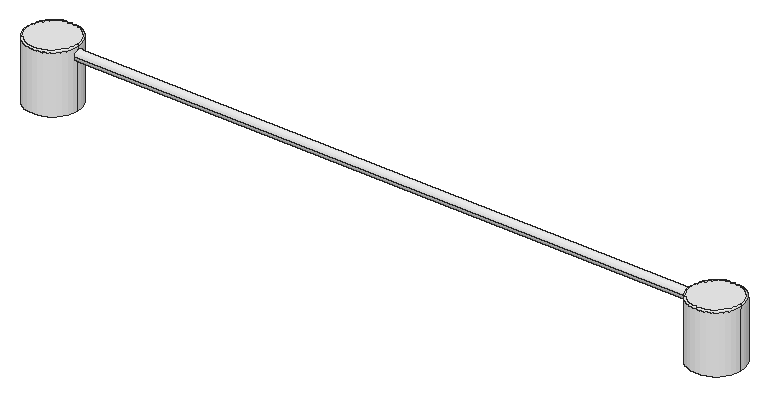
Revit family "Deca_Porta toalha barra_Acessório Flex_2040.FLX", category Plumbing Fixtures, host Face, Revit 2019
Family settings
  Host = Face
  Round Connector Dimension = Use Diameter
  Part Type = Normal
  Cut with Voids When Loaded = No
  Shared = No
  Room Calculation Point = No
Parameters (values of type "2040.C.FLX_Cromado")
  Vazão na Pressão mín. (L/min) = "-"
  Vazão na Pressão máx. (L/min) = "-"
  URL = "www.deca.com.br"
  Tipo de rosca de saída = "-"
  Tipo de rosca de entrada = "-"
  Tipo de mecanismo utilizado = "-"
  Tipo de dispositivo economizador = "-"
  Segmento = "Banheiro Competitivo"
  Saída de Esgoto = "-"
  Pressão mín. funcionamento = "-"
  Pressão mín. Aquec. Passagem = "-"
  Pressão mín. Aquec. Acúmulo = "-"
  Pressão máx. funcionamento = "-"
  Peso Líquido (Kg) = 0.499
  Norma = "Não Possui"
  Model = "2040.C.FLX"
  Material = Deca_Cromado
  Manufacturer = "Deca"
  Linha = "Acessório Flex"
  Itens de Instalação = "-"
  Informações Complementares = "-"
  HWFU = 0
  Description = "Porta toalha barra"
  Default Elevation = 1100 mm
  Código Pai = "2040.FLX"
  Criado por = "quattroD"
  Cores Componente = "-"
  Cor Secundária = "-"
  Cor Principal = "Cromado"
  Cor Interna = "-"
  Consumo = "-"
  Composição Componente = "-"
  Composição Básica = "Liga de Cobre (bronze e latão),Plásticos de Engenharia"
  Composição Assento = "-"
  Composição Anel Vedação = "-"
  Categoria = "ACESSORIOS"
  Atendimento ao Cliente = "0800-0117073"
  Assembly Code = ""
  Aprovado por = "quattroD"
  Acompanha o Produto = "Acompanha Parafusos e Buchas para fixação para alvenaria"
Reference planes
  plane 1 "Center (Front/Back)": y = 0
  plane 2: z = 0
  plane 3 "Center (Left/Right)": x = 0
  plane 4 "Right 1": x = 281
  plane 5 "Top 1": y = 20
  plane 6 "Bottom 1": y = -19.993
  plane 7 "Left 1": x = -281
  plane 8 "Left 2": z = 46
Forms (mm)
  Extrusion 1, solid, material "Deca_Cromado" <- "Material"
    sketch origin (0, 0, 0) x (1, 0, 0) y (0, 1, 0)
      loop
        circle (261, 0) r 20
      loop
        circle (-261, 0) r 20
    from 0 to 46
  Sweep 2, void
    path in 3D
      loop
        arc (281, 0, 46) -> (261, -20, 46) -> (241, 0, 46) r 20
        arc (241, 0, 46) -> (261, 20, 46) -> (281, 0, 46) r 20
    profile origin (261, 20, 46) x (0, 1, 0) y (0, 0, 1)
      loop
        line (0, -1) -> (0.969, -1) -> (0.969, 0.844) -> (-1, 0.844) -> (-1, 0)
        arc (-1, 0) -> (-0.293, -0.293) -> (0, -1) r 1
  Sweep 3, void
    path in 3D
      loop
        arc (-281, 0, 46) -> (-261, -20, 46) -> (-241, 0, 46) r 20
        arc (-241, 0, 46) -> (-261, 20, 46) -> (-281, 0, 46) r 20
    profile origin (-261, 20, 46) x (0, -1, 0) y (0, 0, 1)
      loop
        arc (0, -1) -> (0.293, -0.293) -> (1, 0) r 1
        line (1, 0) -> (1, 0.844) -> (-0.969, 0.844) -> (-0.969, -1) -> (0, -1)
  Extrusion 4, solid, material "Deca_Cromado" <- "Material"
    sketch origin (0, 0, 11.247) x (0, 1, 0) y (0, 0, 1)
      loop
        circle (0, 28.381) r 3.937
    from -242.058 to 242.241
Cuts and joins
  Sweep 2, Sweep 3 cuts Extrusion 1
  joined: Extrusion 1, Extrusion 4
Lines and regions (mm)
  Masking region 1
    outline origin (0, 0, 0) x (1, 0, 0) y (0, 1, 0)
      loop
        arc (241.394, -3.95) -> (281, 0) -> (241.394, 3.95) r 20
        line (241.394, 3.95) -> (-241.394, 3.95)
        arc (-241.394, 3.95) -> (-281, 0) -> (-241.394, -3.95) r 20
        line (-241.394, -3.95) -> (241.394, -3.95)
  Masking region 2
    outline origin (20.06, 0, -118.539) x (1, 0, 0) y (0, 0, 1)
      loop
        line (259.94, 164.539) -> (221.94, 164.539)
        arc (221.94, 164.539) -> (221.233, 164.246) -> (220.94, 163.539) r 1
        line (220.94, 163.539) -> (220.94, 161.889) -> (-261.06, 161.889) -> (-261.06, 163.539)
        arc (-261.06, 163.539) -> (-261.353, 164.246) -> (-262.06, 164.539) r 1
        line (-262.06, 164.539) -> (-300.06, 164.539)
        arc (-300.06, 164.539) -> (-300.767, 164.246) -> (-301.06, 163.539) r 1
        line (-301.06, 163.539) -> (-301.06, 118.539) -> (-261.06, 118.539) -> (-261.06, 153.989) -> (220.94, 153.989) -> (220.94, 118.539) -> (260.94, 118.539) -> (260.94, 163.539)
        arc (260.94, 163.539) -> (260.647, 164.246) -> (259.94, 164.539) r 1
  Masking region 3
    outline origin (0, 272.678, -294.103) x (0, 1, 0) y (0, 0, 1)
      loop
        line (-292.678, 294.103) -> (-252.678, 294.103) -> (-252.678, 339.103)
        arc (-252.678, 339.103) -> (-252.971, 339.81) -> (-253.678, 340.103) r 1
        line (-253.678, 340.103) -> (-291.678, 340.103)
        arc (-291.678, 340.103) -> (-292.385, 339.81) -> (-292.678, 339.103) r 1
        line (-292.678, 339.103) -> (-292.678, 294.103)
  symbolic lines
    curve 1: circle (261, 0, 0) r 20 normal (0, 0, 1)
    curve 2: circle (-261, 0, 0) r 20 normal (0, 0, 1)
    curve 5: line (-241.001, 0, 35.45) -> (-241.001, 0, 0)
    curve 6: line (-241.001, 0, 0) -> (-281, 0, 0)
    curve 7: line (-281, 0, 0) -> (-281, 0, 45)
    curve 8: arc (-281, 0, 45) -> (-280.707, 0, 45.707) -> (-280, 0, 46) r 1
    curve 9: line (-280, 0, 46) -> (-242, 0, 46)
    curve 10: arc (-242, 0, 46) -> (-241.293, 0, 45.707) -> (-241, 0, 45) r 1
    curve 11: line (-241, 0, 45) -> (-241, 0, 43.35)
    curve 12: line (-241, 0, 43.35) -> (241, 0, 43.35)
    curve 13: line (241, 0, 43.35) -> (241, 0, 45)
    curve 14: arc (241, 0, 45) -> (241.293, 0, 45.707) -> (242, 0, 46) r 1
    curve 15: line (242, 0, 46) -> (280, 0, 46)
    curve 16: arc (280, 0, 46) -> (280.707, 0, 45.707) -> (281, 0, 45) r 1
    curve 17: line (281, 0, 45) -> (281, 0, 0)
    curve 18: line (281, 0, 0) -> (241, 0, 0)
    curve 19: line (241, 0, 0) -> (241, 0, 35.45)
    curve 20: line (241, 0, 35.45) -> (-241.001, 0, 35.45)
    curve 21: arc (241, 0, 43.35) -> (241.457, 0, 39.4) -> (241, 0, 35.45) r 17.291
    curve 22: arc (-241, 0, 43.353) -> (-241.458, 0, 39.401) -> (-241.001, 0, 35.45) r 17.291
    curve 23: line (0, -20, 0) -> (0, -20, 45)
    curve 24: arc (0, -20, 45) -> (0, -19.707, 45.707) -> (0, -19, 46) r 1
    curve 25: line (0, -19, 46) -> (0, 19, 46)
    curve 26: arc (0, 19, 46) -> (0, 19.707, 45.707) -> (0, 20, 45) r 1
    curve 27: line (0, 20, 45) -> (0, 20, 0)
    curve 28: line (0, 20, 0) -> (0, -20, 0)
  sketch lines
    curve 3: circle (261, 0, 46) r 20 normal (0, 0, -1)
    curve 4: circle (-261, 0, 46) r 20 normal (0, 0, 1)
Dimensions and locks
  aligned and locked: host face to plane 2
  aligned and locked: level to host face
